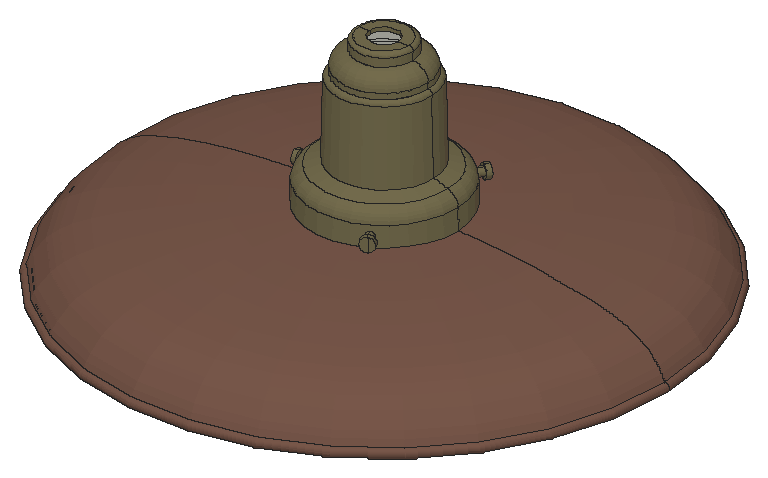
Revit family "S2H4 SHADE", category Lighting Fixtures, Revit 2024
Family settings
  Round Connector Dimension = Use Diameter
  Part Type = Normal
  OmniClass Number = 23.80.70.00
  OmniClass Title = Lighting
  Work Plane-Based = No
  Always vertical = Yes
  Cut with Voids When Loaded = No
  Light Source = Yes
  Maintain Annotation Orientation = No
  Shared = No
  Room Calculation Point = No
Parameters
  Wattage = 12.1178 W
  built-in parameter 1150110 = 1 (stored number, unit not read)
  built-in parameter 1114217 = 1 (stored number, unit not read)
  built-in parameter 1150109 = 1 (stored number, unit not read)
  built-in parameter 1150134 = (empty or 0)
  built-in parameter 1150113 = 1 (stored number, unit not read)
  Lumens = 1800 lm
  built-in parameter 1150115 = 1 (stored number, unit not read)
  built-in parameter 1150105 = 572.96 (stored number, unit not read)
  Light Source Symbol Size = 2' - 0"
  built-in parameter 1150137 = (empty or 0)
  built-in parameter 1150139 = (empty or 0)
  built-in parameter 1150112 = 1 (stored number, unit not read)
  built-in parameter 1150114 = 1 (stored number, unit not read)
  built-in parameter 1150132 = 2
  built-in parameter 1150102 = (empty or 0)
  built-in parameter 1150138 = (empty or 0)
  built-in parameter 1150107 = 3000 (stored number, unit not read)
  built-in parameter 1150106 = 5.7296 (stored number, unit not read)
  built-in parameter 1150104 = 13.8 (stored number, unit not read)
  Dimming Lamp Color Temperature Shift = (empty or 0)
  Default Elevation = 0' - 0"
  Color Filter = 16777215
  built-in parameter 1114218 = 1 (stored number, unit not read)
  built-in parameter 1150133 = 10 (stored number, unit not read)
Reference planes (in)
  plane 1 "Light Source Axis (F/B)": y = 0
  plane 2: z = 0
  plane 3 "Light Source Axis (L/R)": x = 0
  plane 4 "Light Source Elevation": z = 84
Forms (in)
  Revolve 1, solid
    sketch origin (0, 0, -1.01421) x (1, 0, 0) y (0, 0, 1)
      loop
        line (-0.25, 88.89486) -> (-0.43, 88.89486)
        arc (-0.43, 88.89486) -> (-0.4795, 88.87436) -> (-0.5, 88.82486) r 0.07
        line (-0.5, 88.82486) -> (-0.5, 88.68486)
        arc (-0.5, 88.68486) -> (-0.68708, 88.60737) -> (-0.76457, 88.42029) r 0.26457
        line (-0.76457, 88.42029) -> (-0.76457, 88.32449)
        arc (-0.76457, 88.32449) -> (-0.81932, 88.30181) -> (-0.842, 88.24706) r 0.07743
        line (-0.842, 88.24706) -> (-0.875, 86.96486) -> (-1.12093, 86.87535)
        arc (-1.12093, 86.87535) -> (-1.24281, 86.78351) -> (-1.2925, 86.6392) r 0.261
        line (-1.2925, 86.6392) -> (-1.30461, 86.29236) -> (-1.24207, 86.29236) -> (-1.23004, 86.63702)
        arc (-1.23004, 86.63702) -> (-1.19225, 86.74677) -> (-1.09955, 86.81662) r 0.1985
        line (-1.09955, 86.81662) -> (-0.81362, 86.92069) -> (-0.77952, 88.24546)
        arc (-0.77952, 88.24546) -> (-0.72476, 88.26814) -> (-0.70207, 88.3229) r 0.07745
        line (-0.70207, 88.3229) -> (-0.70207, 88.42029)
        arc (-0.70207, 88.42029) -> (-0.61875, 88.58379) -> (-0.4375, 88.61246) r 0.20207
        line (-0.4375, 88.61246) -> (-0.4375, 88.83236) -> (-0.25, 88.83236) -> (-0.25, 88.89486)
      axis (0, 88.89486) -> (0, 86.29236)
    angle from 0 to 360
  Revolve 2, solid
    sketch origin (0, 0, -1.01421) x (1, 0, 0) y (0, 0, 1)
      loop
        line (-1.54717, 86.46501) -> (-1.30016, 86.46501) -> (-1.30016, 86.53518) -> (-1.46388, 86.53518) -> (-1.46388, 86.58194) -> (-1.54717, 86.58194) -> (-1.54717, 86.46501)
      axis (-1.30016, 86.46501) -> (-1.54717, 86.46501)
    angle from 0 to 360
  Revolve 3, solid
    sketch origin (0, 0, -1.01421) x (-0.5, -0.866025, 0) y (0, 0, 1)
      loop
        line (-1.54717, 86.46501) -> (-1.30016, 86.46501) -> (-1.30016, 86.53518) -> (-1.46388, 86.53518) -> (-1.46388, 86.58194) -> (-1.54717, 86.58194) -> (-1.54717, 86.46501)
      axis (-1.30016, 86.46501) -> (-1.54717, 86.46501)
    angle from 0 to 360
  Revolve 4, solid
    sketch origin (0, 0, -1.01421) x (-0.5, 0.866025, 0) y (0, 0, 1)
      loop
        line (-1.54717, 86.46501) -> (-1.30016, 86.46501) -> (-1.30016, 86.53518) -> (-1.46388, 86.53518) -> (-1.46388, 86.58194) -> (-1.54717, 86.58194) -> (-1.54717, 86.46501)
      axis (-1.30016, 86.46501) -> (-1.54717, 86.46501)
    angle from 0 to 360
  Revolve 5, solid
    sketch origin (0, 0, 0) x (1, 0, 0) y (0, 0, 1)
      loop
        spline (-4.85633, 84.12841) -> (-4.64807, 84.45319) -> (-4.41691, 84.63949) -> (-4.16414, 84.76005) -> (-3.87061, 84.84953) -> (-3.52687, 84.92271) -> (-3.18106, 84.98738) -> (-2.82903, 85.04166) -> (-2.47877, 85.08553) -> (-2.13931, 85.11927) -> (-1.79479, 85.14671) -> (-1.42328, 85.17596) -> (-0.98342, 85.1844)
        line (-0.98342, 85.1844) -> (-0.98342, 85.27815)
        spline (-0.98342, 85.27815) -> (-1.42677, 85.26954) -> (-1.79674, 85.24038) -> (-2.13897, 85.21324) -> (-2.47903, 85.17934) -> (-2.82908, 85.13551) -> (-3.18167, 85.08114) -> (-3.52761, 85.01648) -> (-3.87233, 84.94304) -> (-4.17615, 84.85032) -> (-4.43998, 84.72445) -> (-4.69245, 84.52083) -> (-4.92002, 84.16)
        arc (-4.92002, 84.16) -> (-4.95557, 84.00833) -> (-4.85633, 84.12841) r 0.08
      axis (0, 85.27815) -> (0, 84.12841)
    angle from 0 to 360
Dimensions and locks (in)
  aligned and locked: plane 3 "Light Source Axis (L/R)" to imposter light
  aligned and locked: plane 1 "Light Source Axis (F/B)" to imposter light
  aligned and locked: plane 4 "Light Source Elevation" to imposter light
  aligned and locked: level to plane 2
